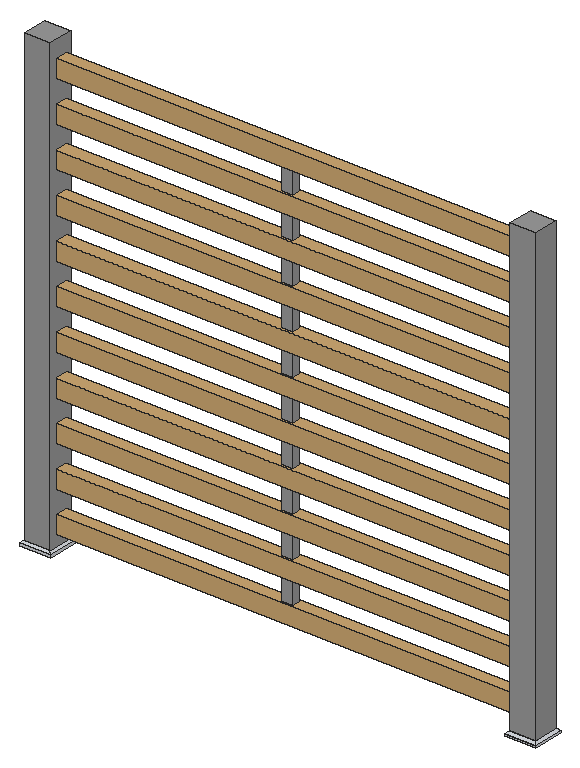
Revit family "L-FUF_펜스_YF-16_예건", category 일반 모델, Revit 2019
Family settings
  보강 철근 호스트 가능 = 아니오
  원형 커넥터 치수 = 지름 사용
  부품 유형 = 보통
  작업 기준면 기반 = 아니오
  항상 수직 = 예
  로드될 때 보이드를 사용하여 절단 = 아니오
  공유 = 아니오
  룸 계산 점 = 아니오
Parameters
  한국산업규격KS = ""
  조달청표준공사코드-세부공종 = ""
  건설정보분류체계-부위분류 = "E942"
  LIM_INFO_주의사항 = "재배포, 재가공, 판매 금지"
  LIM_INFO_제품업체 = "예건"
  LIM_INFO_제품번호 = "YF-16"
  LIM_INFO_제품명 = "펜스_YF-16"
  LIM_INFO_제작일 = "2021.12."
  LIM_INFO_재료 = "Hardwood, STL-pipe, STL-plate"
  LIM_INFO_업체정보 = ""
  LIM_INFO_업체URL = "https://yekun.com/"
  LIM_INFO_업체TEL = "(+82)31-943-6114"
  LIM_INFO_업체EMAIL = "yekun@yekun.com"
  LIM_INFO_버전 = "2022_V01"
  LIM_INFO_기타정보 = ""
  LIM_INFO_규격 = "W2000 x H1800"
  LIM_INFO_가격 = 0
  LIM_INFO_PV_포장재여부 = yes
  LIM_INFO_PV_면적 = 0.00 m²
  KBIMS_식별-버전 = ""
  KBIMS_식별-bSK등록번호 = ""
  KBIMS_보급정보-저작자 = "림인포테크_MMJ"
  KBIMS_보급정보-보급코드 = ""
Reference planes
  plane 1 "중심(앞/뒤)": y = 0
  plane 2: z = 0
  plane 3 "중심(왼쪽/오른쪽)": x = 0
Dimensions and locks
  aligned and locked: level to plane 2
Nested families
  nested 1: "YF-16_base" at (0, 0, 0), type "YF-16_base"
Definition of nested family "YF-16_base"
  Reference planes
    plane 1 "중심(앞/뒤)": y = 0
    plane 2: z = 0
    plane 3 "중심(왼쪽/오른쪽)": x = 0
  Forms (mm)
    Extrusion 1, solid, detail levels fine
      sketch origin (-523.417, 0, -420) x (1, 0, 0) y (0, 0, 1)
        loop
          line (543.417, 555.249) -> (543.417, 485.249) -> (2499.792, 485.249) -> (2499.792, 555.249) -> (543.417, 555.249)
        loop
          line (543.417, 1835.249) -> (543.417, 1765.249) -> (2498.82, 1765.249) -> (2498.82, 1835.249) -> (543.417, 1835.249)
        loop
          line (543.417, 715.249) -> (543.417, 645.249) -> (2498.591, 645.249) -> (2498.591, 715.249) -> (543.417, 715.249)
        loop
          line (543.417, 1035.249) -> (543.417, 965.249) -> (2498.991, 965.249) -> (2498.991, 1035.249) -> (543.417, 1035.249)
        loop
          line (2500.593, 805.249) -> (2500.593, 875.249) -> (543.417, 875.249) -> (543.417, 805.249) -> (2500.593, 805.249)
        loop
          line (543.417, 1195.249) -> (543.417, 1125.249) -> (2499.392, 1125.249) -> (2499.392, 1195.249) -> (543.417, 1195.249)
        loop
          line (2499.548, 1675.249) -> (543.417, 1675.249) -> (543.417, 1605.249) -> (2499.548, 1605.249) -> (2499.548, 1675.249)
        loop
          line (543.417, 1355.249) -> (543.417, 1285.249) -> (2500.593, 1285.249) -> (2500.593, 1355.249) -> (543.417, 1355.249)
        loop
          line (543.417, 1515.249) -> (543.417, 1445.249) -> (2499.792, 1445.249) -> (2499.792, 1515.249) -> (543.417, 1515.249)
        loop
          line (543.417, 1995.249) -> (543.417, 1925.249) -> (2501.684, 1925.249) -> (2501.684, 1995.249) -> (543.417, 1995.249)
        loop
          line (543.417, 2155.249) -> (543.417, 2085.249) -> (2502.385, 2085.249) -> (2502.385, 2155.249) -> (543.417, 2155.249)
      from 0 to 50
    Extrusion 2, solid, detail levels fine
      sketch origin (-543.417, 0, -420) x (1, 0, 0) y (0, 0, 1)
        loop
          line (1523.417, 2123.078) -> (1523.417, 516.964) -> (1563.417, 516.964) -> (1563.417, 2123.078) -> (1523.417, 2123.078)
      from 10 to 40
    Extrusion 3, solid, detail levels fine
      sketch origin (-543.417, 0, 0) x (1, 0, 0) y (0, 1, 0)
        loop
          line (543.417, 25) -> (543.417, -75) -> (643.417, -75) -> (643.417, 25) -> (543.417, 25)
        loop
          line (2443.417, 25) -> (2443.417, -75) -> (2543.417, -75) -> (2543.417, 25) -> (2443.417, 25)
      from 0 to 1800
    Extrusion 4, solid, detail levels fine
      sketch origin (0, 0, 0) x (0, 1, 0) y (0, 0, 1)
        loop
          line (-75, 0) -> (35, 0) -> (35, 10) -> (-85, 10) -> (-85, 0) -> (-75, 0)
      from -10 to 110
    Extrusion 5, solid, detail levels fine
      sketch origin (1900, 0, 0) x (0, 1, 0) y (0, 0, 1)
        loop
          line (-75, 0) -> (35, 0) -> (35, 10) -> (-85, 10) -> (-85, 0) -> (-75, 0)
      from -10 to 110
    Blend 6, solid, detail levels fine
      base sketch origin (0, 0, 0) x (1, 0, 0) y (0, 1, 0)
        loop
          line (2010, 35) -> (1890, 35) -> (1890, -85) -> (2010, -85) -> (2010, 35)
      top sketch origin (0, 0, 0) x (1, 0, 0) y (0, 1, 0)
        loop
          line (2000, 25) -> (1900, 25) -> (1900, -75) -> (2000, -75) -> (2000, 25)
      from 10 to 20
    Blend 7, solid, detail levels fine
      base sketch origin (-1900, 0, 0) x (1, 0, 0) y (0, 1, 0)
        loop
          line (2010, 35) -> (1890, 35) -> (1890, -85) -> (2010, -85) -> (2010, 35)
      top sketch origin (-1900, 0, 0) x (1, 0, 0) y (0, 1, 0)
        loop
          line (2000, 25) -> (1900, 25) -> (1900, -75) -> (2000, -75) -> (2000, 25)
      from 10 to 20
    Extrusion 8, solid, detail levels coarse+medium
      sketch origin (-523.417, 0, -420) x (1, 0, 0) y (0, 0, 1)
        loop
          line (543.417, 555.249) -> (543.417, 485.249) -> (2499.792, 485.249) -> (2499.792, 555.249) -> (543.417, 555.249)
        loop
          line (543.417, 1835.249) -> (543.417, 1765.249) -> (2498.82, 1765.249) -> (2498.82, 1835.249) -> (543.417, 1835.249)
        loop
          line (543.417, 715.249) -> (543.417, 645.249) -> (2498.591, 645.249) -> (2498.591, 715.249) -> (543.417, 715.249)
        loop
          line (543.417, 1035.249) -> (543.417, 965.249) -> (2498.991, 965.249) -> (2498.991, 1035.249) -> (543.417, 1035.249)
        loop
          line (2500.593, 805.249) -> (2500.593, 875.249) -> (543.417, 875.249) -> (543.417, 805.249) -> (2500.593, 805.249)
        loop
          line (543.417, 1195.249) -> (543.417, 1125.249) -> (2499.392, 1125.249) -> (2499.392, 1195.249) -> (543.417, 1195.249)
        loop
          line (2499.548, 1675.249) -> (543.417, 1675.249) -> (543.417, 1605.249) -> (2499.548, 1605.249) -> (2499.548, 1675.249)
        loop
          line (543.417, 1355.249) -> (543.417, 1285.249) -> (2500.593, 1285.249) -> (2500.593, 1355.249) -> (543.417, 1355.249)
        loop
          line (543.417, 1515.249) -> (543.417, 1445.249) -> (2499.792, 1445.249) -> (2499.792, 1515.249) -> (543.417, 1515.249)
        loop
          line (543.417, 1995.249) -> (543.417, 1925.249) -> (2501.684, 1925.249) -> (2501.684, 1995.249) -> (543.417, 1995.249)
        loop
          line (543.417, 2155.249) -> (543.417, 2085.249) -> (2502.385, 2085.249) -> (2502.385, 2155.249) -> (543.417, 2155.249)
      from 0 to 50
    Extrusion 9, solid, detail levels coarse+medium
      sketch origin (-543.417, 0, -420) x (1, 0, 0) y (0, 0, 1)
        loop
          line (1523.417, 2123.078) -> (1523.417, 516.964) -> (1563.417, 516.964) -> (1563.417, 2123.078) -> (1523.417, 2123.078)
      from 10 to 40
    Extrusion 10, solid, detail levels coarse+medium
      sketch origin (-543.417, 0, 0) x (1, 0, 0) y (0, 1, 0)
        loop
          line (543.417, 25) -> (543.417, -75) -> (643.417, -75) -> (643.417, 25) -> (543.417, 25)
        loop
          line (2443.417, 25) -> (2443.417, -75) -> (2543.417, -75) -> (2543.417, 25) -> (2443.417, 25)
      from 0 to 1800
  Dimensions and locks
    aligned and locked: level to plane 2
